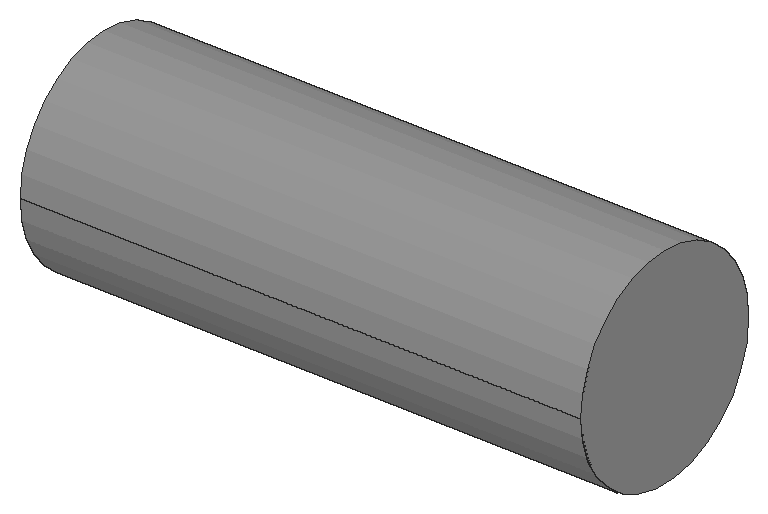
Revit family "e9c1209c8cbe41b18f271c291acd88c4", category Structural Rebar Couplers, Revit 2021
Family settings
  Work Plane-Based = No
  Always vertical = No
  Cut with Voids When Loaded = No
  Shared = No
Parameters (values of type "CPL#8-#7")
  External Diameter = 0' - 1 3/8"
  Symbol Width = 0' - 1.93"
  Symbol Length = 0' - 5.17"
  Material = Steel
  Total Length = 0' - 3 11/16"
  End Treatment 2 = Threaded
  End Treatment 1 = Threaded
  Bar Size 2 = #7
  Bar Size 1 = #8
  Bar Engagement 2 = 0' - 1 1/4"
  Bar Engagement 1 = 0' - 1 3/8"
Types (10): name | External Diameter | Symbol Width | Symbol Length | Total Length | Bar Size 2 | Bar Size 1 | Bar Engagement 2 | Bar Engagement 1
  CPL#8-#7 | 0' - 1 3/8" | 0' - 1.93" | 0' - 5.17" | 0' - 3 11/16" | #7 | #8 | 0' - 1 1/4" | 0' - 1 3/8"
  CPL#18-#14 | 0' - 3" | 0' - 3.6" | 0' - 7.29" | 0' - 6 5/8" | #14 | #18 | 0' - 2 1/8" | 0' - 2 13/16"
  CPL#18-#11 | 0' - 3" | 0' - 3.6" | 0' - 6.41" | 0' - 5 11/32" | #11 | #18 | 0' - 1 11/16" | 0' - 2 13/16"
  CPL#14-#11 | 0' - 2 1/4" | 0' - 2.7" | 0' - 6.11" | 0' - 5 3/32" | #11 | #14 | 0' - 1 11/16" | 0' - 2 3/16"
  CPL#11-#10 | 0' - 1 7/8" | 0' - 2.44" | 0' - 5.61" | 0' - 4 5/16" | #10 | #11 | 0' - 1 9/16" | 0' - 1 11/16"
  CPL#10-#9 | 0' - 1 3/4" | 0' - 2.28" | 0' - 5.36" | 0' - 4 1/8" | #9 | #10 | 0' - 1 1/2" | 0' - 1 9/16"
  CPL#9-#8 | 0' - 1 1/2" | 0' - 2.1" | 0' - 5.47" | 0' - 3 29/32" | #8 | #9 | 0' - 1 3/8" | 0' - 1 1/2"
  CPL#7-#6 | 0' - 1 3/16" | 0' - 1.66" | 0' - 5.34" | 0' - 3 13/16" | #6 | #7 | 0' - 1 1/8" | 0' - 1 1/4"
  CPL#6-#5 | 0' - 1 1/16" | 0' - 1.49" | 0' - 4.2" | 0' - 3" | #5 | #6 | 0' - 0 7/8" | 0' - 1 1/8"
  CPL#5-#4 | 0' - 0 7/8" | 0' - 1.31" | 0' - 3.47" | 0' - 2 5/16" | #4 | #5 | 0' - 0 9/16" | 0' - 0 7/8"
Reference planes (in)
  plane 1: y = 0
  plane 2: z = 0
  plane 3: x = 0
  plane 4: y = 0.965
  plane 5: y = -0.965
  plane 6: x = -1.84375
  plane 7: x = 1.84375
  plane 8: x = -2.585
  plane 9: x = 2.585
Forms (in)
  Extrusion 1, solid, material "Steel" <- "Material"
    sketch origin (-1.84375, 2.95276, 47.24409) x (0, 1, 0) y (0, 0, 1)
      loop
        circle (-2.95276, -47.24409) r 0.6875
    from 0 to 3.6875
Lines and regions (in)
  symbolic lines
    curve 1: line (-2.585, 0.965, 0) -> (2.585, 0.965, 0)
    curve 2: line (-2.585, -0.965, 0) -> (-2.585, 0.965, 0)
    curve 3: line (2.585, -0.965, 0) -> (-2.585, -0.965, 0)
    curve 4: line (2.585, 0.965, 0) -> (2.585, -0.965, 0)
  reference lines
    curve 5: circle (-1.84375, 0, 0) r 0.6875 normal (1, 0, 0)
Text (in)
  text "Bar 1" at (-10.81531, 0.32318, 0), in view "Base"
  text "Bar 2" at (10.18742, 0.32318, 0), in view "Base"
Dimensions and locks (in)
  "Symbol Length": plane 8 to plane 9
  equal spacing: plane 8, plane 3, plane 9
  "Total Length": plane 6 to plane 7
  equal spacing: plane 6, plane 3, plane 7
  "Symbol Width": plane 4 to plane 5
  equal spacing: plane 4, plane 1, plane 5
  "External Diameter": diameter of curve 5
  aligned and locked: curve 1 to plane 4
  aligned and locked: plane 8 to curve 2
  aligned and locked: plane 5 to curve 3
  aligned and locked: curve 4 to plane 9
  aligned and locked: Extrusion 1 sketch curve to curve 5
  aligned and locked: plane 7 to Extrusion 1
Automatic sketch dimensions
  curve 5 to level = 0' - 0"
  curve 5 to plane 1 = 0' - 0"
